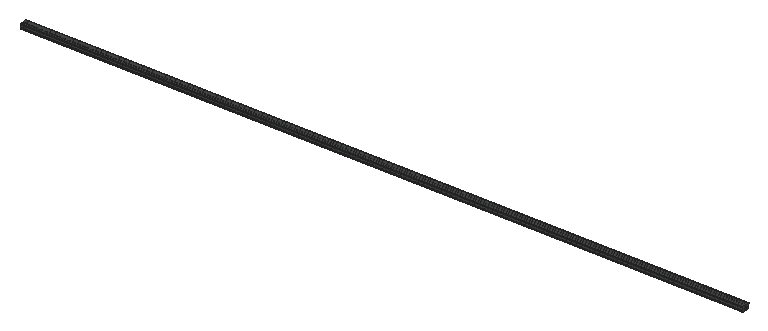
Revit family "AG_GM_AP1170", category Generic Models, Revit 2024
Family settings
  Can host rebar = No
  Round Connector Dimension = Use Diameter
  Part Type = Normal
  Work Plane-Based = No
  Always vertical = Yes
  Cut with Voids When Loaded = No
  Maintain Annotation Orientation = No
  Shared = No
  Room Calculation Point = No
Parameters (values of type "AP 1170")
  Weight (g) [instance] = 194 * (Length / 1000)  # 388 mm
  Wall mounting [instance] = "30mm, 50mm, 70mm, 90mm, 120mm, 140mm, 160mm, 190mm, 240mm"
  Operation [instance] = "Manual"
  Min. radius for bends [instance] = "100mm"
  Milling (free hand shape) [instance] = "Yes"
  Max. load (kg) [instance] = if(Length < 1001 mm, 4.5, if(Length < 2001 mm, 6.5, if(Length < 3001 mm, 9, if(Length < 4001 mm, 11.5, if(Length < 5001 mm, 13.5, 15)))))  # 6.5
  Max. Length (mm) [instance] = "5900"
  Length [instance] = 2000 mm
  Distance between brackets [instance] = "700mm"
  Dimensions [instance] = "19,45 x 13,75 mm"
  Default Elevation = 0 mm
  Ceiling mounting [instance] = "3mm"
  CO2 emissions (kg) [instance] = 2.3 * ([Weight (g)] / 1000)  # 0.892 mm
  Bending [instance] = "Yes"
  Base color for object [instance] = "RGB(2,4,3)"
Reference planes
  plane 1 "Center (Front/Back)": y = 0
  plane 2: z = 0
  plane 3 "Center (Left/Right)": x = 0
Forms (mm)
  Sweep 1, solid, material "Black"
    path origin (0, 0, 0) x (1, 0, 0) y (0, 1, 0)
      loop
        line (0, 0) -> (2000, 0)
    profile "AG_P_AP1170 : AG_P_AP1170" origin (1000, 0, 0) x (0, 1, 0) y (0, 0, 1)
      loop
        line (-9.725, -3) -> (-9.725, -3.791) -> (-8.078, -6.326) -> (-8.078, -14.206)
        arc (-8.078, -14.206) -> (-7.319, -16.04) -> (-5.485, -16.8) r 2.594
        line (-5.485, -16.8) -> (-3.841, -16.8)
        arc (-3.841, -16.8) -> (-3.167, -15.596) -> (-4.545, -15.651) r 0.791
        line (-4.545, -15.651) -> (-5.948, -15.651)
        arc (-5.948, -15.651) -> (-6.75, -15.118) -> (-7.061, -14.206) r 1.494
        line (-7.061, -14.206) -> (-7.061, -4.054) -> (-5.555, -4.054) -> (-5.555, -7.62) -> (-3.311, -7.62)
        arc (-3.311, -7.62) -> (-2.789, -7.098) -> (-3.311, -6.576) r 0.522
        line (-3.311, -6.576) -> (-4.488, -6.576) -> (-4.488, -4.054) -> (0, -4.054) -> (4.488, -4.054) -> (4.488, -6.576) -> (3.311, -6.576)
        arc (3.311, -6.576) -> (2.789, -7.098) -> (3.311, -7.62) r 0.522
        line (3.311, -7.62) -> (5.555, -7.62) -> (5.555, -4.054) -> (7.061, -4.054) -> (7.061, -14.206)
        arc (7.061, -14.206) -> (6.75, -15.118) -> (5.948, -15.651) r 1.494
        line (5.948, -15.651) -> (4.545, -15.651)
        arc (4.545, -15.651) -> (3.167, -15.596) -> (3.841, -16.8) r 0.791
        line (3.841, -16.8) -> (5.485, -16.8)
        arc (5.485, -16.8) -> (7.319, -16.04) -> (8.078, -14.206) r 2.594
        line (8.078, -14.206) -> (8.078, -6.326) -> (9.725, -3.791) -> (9.725, -3) -> (-9.725, -3)
Dimensions and locks
  "Length": plane 3 "Center (Left/Right)" to Sweep 1 sketch curve
  aligned and locked: level to plane 2
  aligned and locked: plane 1 "Center (Front/Back)" to Sweep 1 sketch curve
  aligned and locked: plane 3 "Center (Left/Right)" to Sweep 1 sketch curve
